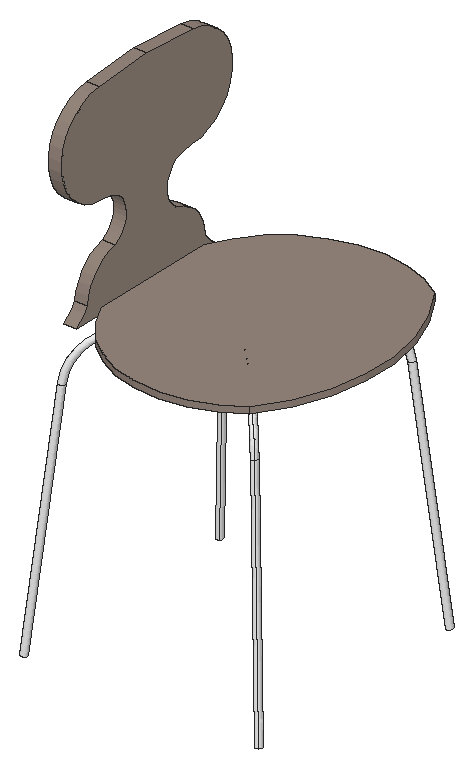
Revit family "Chair 2", category Furniture, Revit 2026
Family settings
  Work Plane-Based = No
  Enable Cutting in Views = No
  Always vertical = Yes
  Cut with Voids When Loaded = No
  Render Appearance Source = Family Geometry
  Shared = No
  Room Calculation Point = No
Parameters
  __Temp [instance] = 0 mm
  Keynote = "12600"
  Manufacturer = ""
  Default Elevation = 0 mm
  Bracket Material = Herman Miller - Finish 47 Trivalent Chrome
  Model = ""
  Cushion/Chair Back Material = Herman Miller - Veneer Z5 Maple
  BG_DIM_Width2 [instance] = 0 mm
  BG_DIM_Depth1 [instance] = 0 mm
Reference planes
  plane 1 "Center F/B": y = -198.997
  plane 2: z = 0
  plane 3 "Center L/R": x = -1.022
Forms (mm)
  Sweep 1, solid, material "Herman Miller - Finish 47 Trivalent Chrome" <- "Bracket Material"
    path origin (61.052, -65.204, 45) x (0, 0, -1) y (0.707107, -0.707107, 0)
      loop
        line (45, -82.843) -> (-332.364, -36.508)
        arc (-332.364, -36.508) -> (-382.531, -10.114) -> (-402.615, 42.895) r 80
        line (-402.615, 42.895) -> (-402.615, 181.322)
    profile origin (18.855, -23.007, 188.682) x (-0.701836, 0.701836, 0.121869) y (-0.707107, -0.707107, 0)
      loop
        circle (0, 0) r 5
  Sweep 2, solid, material "Herman Miller - Finish 47 Trivalent Chrome" <- "Bracket Material"
    path origin (57.516, -325.168, 45) x (0, 0, -1) y (0.707107, 0.707107, 0)
      loop
        line (45, -82.843) -> (-332.364, -36.508)
        arc (-332.364, -36.508) -> (-382.531, -10.114) -> (-402.615, 42.895) r 80
        line (-402.615, 42.895) -> (-402.615, 181.322)
    profile origin (15.319, -367.364, 188.682) x (-0.701836, -0.701836, 0.121869) y (0.707107, -0.707107, 0)
      loop
        circle (0, 0) r 5
  Sweep 3, solid, material "Herman Miller - Finish 47 Trivalent Chrome" <- "Bracket Material"
    path origin (303.338, -65.204, 45) x (0, 0, -1) y (0.707107, 0.707107, 0)
      loop
        line (45, 82.843) -> (-332.364, 36.508)
        arc (-332.364, 36.508) -> (-382.531, 10.114) -> (-402.615, -42.895) r 80
        line (-402.615, -42.895) -> (-402.615, -181.322)
    profile origin (345.535, -23.007, 188.682) x (0.701836, 0.701836, 0.121869) y (-0.707107, 0.707107, 0)
      loop
        circle (0, 0) r 5
  Sweep 4, solid, material "Herman Miller - Finish 47 Trivalent Chrome" <- "Bracket Material"
    path origin (306.873, -325.168, 45) x (0, 0, -1) y (0.707107, -0.707107, 0)
      loop
        line (45, 82.843) -> (-332.364, 36.508)
        arc (-332.364, 36.508) -> (-382.531, 10.114) -> (-402.615, -42.895) r 80
        line (-402.615, -42.895) -> (-402.615, -181.322)
    profile origin (349.07, -367.364, 188.682) x (0.701836, -0.701836, 0.121869) y (0.707107, 0.707107, 0)
      loop
        circle (0, 0) r 5
  Extrusion 5, solid, material "Herman Miller - Veneer Z5 Maple" <- "Cushion/Chair Back Material"
    sketch origin (0, 0, 0) x (1, 0, 0) y (0, 1, 0)
      loop
        arc (340, -9.099) -> (152.776, 17.913) -> (32.728, -128.274) r 192.616
        line (32.728, -128.274) -> (32.728, -249.923)
        arc (32.728, -249.923) -> (152.776, -396.11) -> (340, -369.099) r 192.616
        arc (340, -369.099) -> (400.673, -189.099) -> (340, -9.099) r 297.34
    from 450 to 460
  Extrusion 6, solid, material "Herman Miller - Veneer Z5 Maple" <- "Cushion/Chair Back Material"
    sketch origin (390, -409.099, -27.081) x (0, 0, -1) y (0, 1, 0)
      loop
        arc (-498.809, 95.839) -> (-486.21, 86.065) -> (-477.081, 72.99) r 53.087
        line (-477.081, 72.99) -> (-477.081, 347.212)
        arc (-477.081, 347.212) -> (-486.21, 334.138) -> (-498.809, 324.364) r 53.087
        arc (-498.809, 324.364) -> (-539.073, 308.301) -> (-561.143, 270.989) r 67.175
        arc (-561.143, 270.989) -> (-601.737, 249.17) -> (-634.197, 281.887) r 38.521
        line (-634.197, 281.887) -> (-636.604, 298.938)
        arc (-636.604, 298.938) -> (-714.694, 376.726) -> (-796.127, 302.444) r 79.872
        line (-796.127, 302.444) -> (-802.584, 210.101) -> (-796.127, 117.759)
        arc (-796.127, 117.759) -> (-714.694, 43.477) -> (-636.604, 121.265) r 79.872
        line (-636.604, 121.265) -> (-634.197, 138.316)
        arc (-634.197, 138.316) -> (-601.737, 171.033) -> (-561.143, 149.213) r 38.521
        arc (-561.143, 149.213) -> (-539.073, 111.901) -> (-498.809, 95.839) r 67.175
    from -367.272 to -347.272
Dimensions and locks
  aligned and locked: plane 1 "Center F/B" to Extrusion 6
